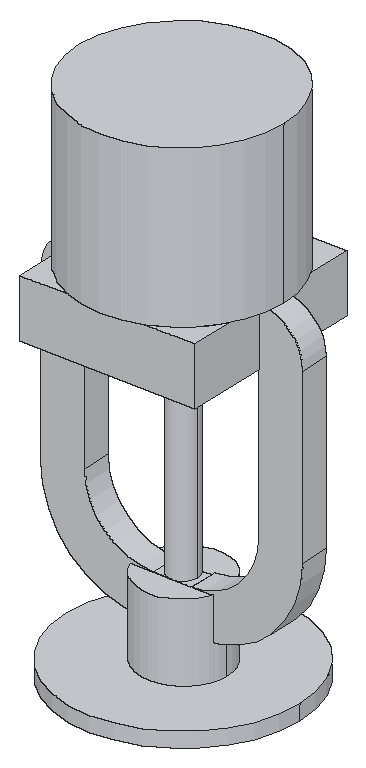
Revit family
Parameters (values of type "RASCO F1FR56-300 PENDENT")
  Temperature Rating = 155 °F
  Response = 1
  RASCO SIN # = "RA2614"
  RASCO Part # = "F1FR56P1C3"
  Pressure Rating = "300 PSI"
  Pressure Class = (empty or 0)
  Orifice Size = 1/2"
  Orifice = (empty or 0)
  Model = "F1FR56-300"
  Manufacturer = "RASCO"
  K-Factor = 5.6
  Description = "Chrome Finish"
  Coverage = (empty or 0)
Reference planes (in)
  plane 1 "Center (Front/Back)": y = 0
  plane 2: z = 0
  plane 3 "Center (Left/Right)": x = 0
Dimensions and locks (in)
  aligned and locked: plane 2 to level
Nested families (in)
  nested 1: "F1FR56P1C3" at (-0.0113, 0, 2.4375) x (-1, 0, 0) z (0, 0, -1), type "RASCO F1FR56-300 PENDENT"
Connectors (in)
  piping at (-0.0113, 0, 2.4375)
    settings: on nested 1, index 1, connector radius 115/256", flow factor 0, pipe flow 0 GPM, pressure drop 0.00 psi, fitting loss kfactor 0, connector angle 0.00°, fixture units 0, flow configuration 0, flow direction 0, fitting loss method 0, system type 7, connector reference index -1, connector utility 0, adjustable connector no, is connector primary yes, fitting loss table "", connector description ""
Definition of nested family "F1FR56P1C3"
  Parameters (values of type "RASCO F1FR56-300 PENDENT")
    Type Comments = ""
    Temperature Rating = 0 °F
    Response = (empty or 0)
    Pressure Rating = "0"
    Pressure Class = (empty or 0)
    Orifice Size = 0"
    Orifice = (empty or 0)
    Model = ""
    Manufacturer = ""
    K-Factor = 0
    Description = ""
    Coverage = (empty or 0)
    Assembly Code = ""
  Reference planes (in)
    plane 1 "Center (Front/Back)": y = 0
    plane 2: z = 0
    plane 3 "ref.2": z = 0.6875
    plane 4 "ref.3": z = 0.9375
    plane 5: x = -0.38065
    plane 6: x = 0.36935
    plane 7 "ref. side 1": y = 0.06402
    plane 8 "ref. side 2": y = -0.06098
    plane 9 "ref.4": z = 1.875
    plane 10 "ref.5": z = 2.3125
    plane 11 "ref.6": z = 2.4375
  Forms (in)
    Extrusion 1, solid
      sketch origin (0, 0, 0) x (1, 0, 0) y (0, 1, 0)
        loop
          circle (0, 0) r 0.4379
      from 0 to 0.6875
    Extrusion 2, solid
      sketch origin (-0.12185, 0.05177, 0.6875) x (1, 0, 0) y (0, 1, 0)
        loop
          line (-0.2588, 0.356) -> (-0.2588, -0.4565) -> (0.4912, -0.4565) -> (0.4912, 0.356) -> (-0.2588, 0.356)
      from 0 to 0.25
    Extrusion 3, solid
      sketch origin (0, 0, 0) x (1, 0, 0) y (0, 0, 1)
        loop
          line (-0.38065, 0.68754) -> (-0.38065, 1.58397)
          arc (-0.38065, 1.58397) -> (-0.29541, 1.78976) -> (-0.08962, 1.875) r 0.29103
          line (-0.08962, 1.875) -> (0.07524, 1.875)
          arc (0.07524, 1.875) -> (0.28321, 1.78886) -> (0.36935, 1.58089) r 0.29411
          line (0.36935, 1.58089) -> (0.36935, 0.68751)
          arc (0.36935, 0.68751) -> (0.50207, 0.74393) -> (0.55685, 0.87734) r 0.18984
          line (0.55685, 0.87734) -> (0.55685, 1.61676)
          arc (0.55685, 1.61676) -> (0.42629, 1.93194) -> (0.11111, 2.0625) r 0.44574
          line (0.11111, 2.0625) -> (-0.12259, 2.0625)
          arc (-0.12259, 2.0625) -> (-0.43765, 1.932) -> (-0.56815, 1.61694) r 0.44556
          line (-0.56815, 1.61694) -> (-0.56815, 0.87876)
          arc (-0.56815, 0.87876) -> (-0.51345, 0.74486) -> (-0.38065, 0.68754) r 0.19126
      from -0.06402 to 0.06098
    Extrusion 4, solid
      sketch origin (0, 0, 0.9375) x (-1, 0, 0) y (0, -1, 0)
        loop
          circle (0.00574, -0.00152) r 0.0625
      from 0 to 0.9375
    Extrusion 5, solid
      sketch origin (0, 0, 1.875) x (-1, 0, 0) y (0, -1, 0)
        loop
          circle (0.00574, -0.00152) r 0.1875
      from 0 to 0.4375
    Extrusion 6, solid
      sketch origin (0, 0, 2.3125) x (0, -1, 0) y (1, 0, 0)
        loop
          circle (-0.00152, -0.00574) r 0.5
      from -0.10531 to -0.03987
  Cuts and joins
    joined: Extrusion 1, Extrusion 2, Extrusion 4
  Lines and regions (in)
    model lines
      curve 1: line (-0.00574, 0.06402, 1.875) -> (-0.00574, -0.06098, 1.875)
